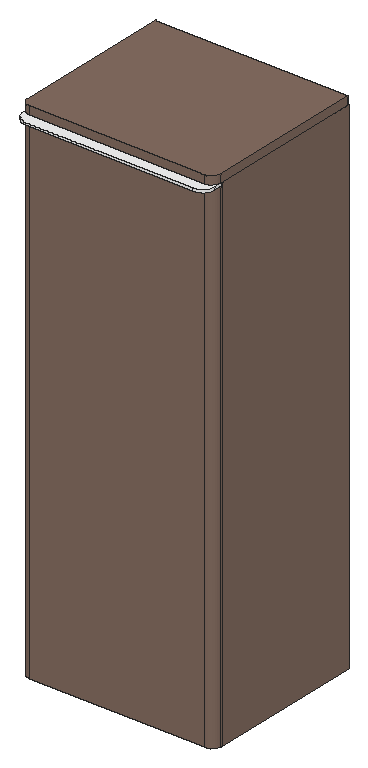
Revit family "mid-height cabinet, door hinge", category Furniture, Revit 2019 (continued)
Definition of nested family "mid-height cabinet 400_350, door hinge left-54130000-dark walnut-chrome-400_content"
  Forms (mm)
    Extrusion 3, solid, visible <- "ContentVisible", detail levels medium+fine
      sketch origin (0, 0, 0) x (1, 0, 0) y (0, 1, 0)
        loop
          line (184, 0) -> (184, -328) -> (197, -328)
          arc (197, -328) -> (199.121, -327.121) -> (200, -325) r 3
          line (200, -325) -> (200, 0) -> (184, 0)
      from 0 to 1050
    Extrusion 4, solid, visible <- "ContentVisible", detail levels medium+fine
      sketch origin (0, 0, 2) x (1, 0, 0) y (0, 1, 0)
        loop
          line (-184, -16) -> (-184, -20) -> (184, -20) -> (184, -16) -> (-184, -16)
      from 0 to 1048
    Extrusion 5, solid, visible <- "ContentVisible", detail levels medium+fine
      sketch origin (0, 0, 2) x (1, 0, 0) y (0, 1, 0)
        loop
          arc (-200, -330) -> (-194.435, -343.435) -> (-181, -349) r 19
          line (-181, -349) -> (181, -349)
          arc (181, -349) -> (194.435, -343.435) -> (200, -330) r 19
          line (200, -330) -> (200, -328) -> (-200, -328) -> (-200, -330)
      from 0 to 1040
    Extrusion 6, solid, visible <- "ContentVisible", detail levels medium+fine
      sketch origin (0, 0, 1042) x (1, 0, 0) y (0, 1, 0)
        loop
          line (-198.5, -328) -> (-198.5, -344)
          arc (-198.5, -344) -> (-191.178, -361.678) -> (-173.5, -369) r 25
          line (-173.5, -369) -> (173.5, -369)
          arc (173.5, -369) -> (191.178, -361.678) -> (198.5, -344) r 25
          line (198.5, -344) -> (198.5, -328) -> (178.5, -328) -> (178.5, -326.5) -> (-178.5, -326.5) -> (-178.5, -328) -> (-198.5, -328)
      from 0 to 5
    Extrusion 7, solid, visible <- "ContentVisible", detail levels medium+fine
      sketch origin (0, 0, 1050) x (1, 0, 0) y (0, 1, 0)
        loop
          line (-200, -1.5) -> (-200, -331)
          arc (-200, -331) -> (-194.728, -343.728) -> (-182, -349) r 18
          line (-182, -349) -> (182, -349)
          arc (182, -349) -> (194.728, -343.728) -> (200, -331) r 18
          line (200, -331) -> (200, -1.5)
          arc (200, -1.5) -> (199.561, -0.439) -> (198.5, 0) r 1.5
          line (198.5, 0) -> (-198.5, 0)
          arc (-198.5, 0) -> (-199.561, -0.439) -> (-200, -1.5) r 1.5
      from 0 to 16
    Extrusion 8, solid, visible <- "ContentVisible", detail levels coarse
      sketch origin (0, -184.5, 0) x (1, 0, 0) y (0, 1, 0)
        loop
          line (-200, -184.5) -> (200, -184.5) -> (200, 184.5) -> (-200, 184.5) -> (-200, -184.5)
      from 0 to 1066
  Dimensions and locks
    aligned and locked: level to plane 2
Definition of nested family "mid-height cabinet 400_350, door hinge left-54130670-dark walnut-matt_black-200_content"
  Parameters (values of type "Mid-height cabinet 400_350, door hinge left-54130670-Dark Walnut-MATT_BLACK-200_Content")
    etim7_EC011381 = "EC011381"
    WEIGHT = "25.3"
    UNSPSC = "56 | Furniture and Furnishings"
    UNIFORMATII = "E2010 | Fixed Furnishings"
    UNICLASS_2015_CODE = "40_30_78_05"
    UNICLASS2015 = "Pr_40_30_78_05 | Bathroom furniture"
    SURFACE = "MATT_BLACK"
    SPECIFICATION = "Surfaces:    - 54130000 Chrome  - 54130670 Matt Black  - 54130700 Matt White      Specification:"
    REGIONSET = "Worldwide"
    PRODUCTURL = "https://pro.hansgrohe.com/articledetail--54130000"
    PRODUCTGROUP = "bathroom vanity"
    PRODUCTFAMILY = "Xelu Q"
    PERMALINK = "54130XXX"
    OMNICLASS = "23-21 19 15 33 13 | Residential Bathroom Specialty Casework"
    OBJECTTYPE = "Object (single object)"
    OBERFLAECHE = "Dark Walnut"
    NN = "Mid-height cabinet, door hinge"
    NBSYN = "$BASENUMBER.-$ARTNR.-$OBERFLAECHE.-$SURFACE.-$LODLEVEL."
    NB = "Mid-height cabinet 400/350, door hinge left-54130670-Dark Walnut-MATT_BLACK-200"
    NAME = "Xelu Q Mid-height cabinet Dark Walnut 400/350, door hinge left"
    Model = "Mid-height cabinet 400/350, door hinge left-54130670-Dark Walnut-MATT_BLACK-200"
    Manufacturer = "Hansgrohe"
    MASTERFORMAT = "12 35 30.23 | Bathroom Casework"
    LODLEVEL = "200"
    LINA = "Mid-height cabinet 400/350, door hinge left-54130670-Dark Walnut-MATT_BLACK-200"
    L = 400
    IFC = "Furnishing element"
    GTINCODE = "4059625458082"
    ETIM = "EC011381 | Bathroom furniture set"
    Default Elevation = 1219.2 mm
    DESIGN = "Germany"
    ContentVisible [instance] = yes
    CATALOG = "Hansgrohe"
    BIMOBJECT = "Sanitary: Compound units"
    BASENUMBER = "Mid-height cabinet 400/350, door hinge left"
    ARTNR = "54130670"
  Reference planes
    plane 1 "Center (Front/Back)": y = 0
    plane 2: z = 0
    plane 3 "Center (Left/Right)": x = 0
  Forms (mm)
    Extrusion 1, solid, visible <- "ContentVisible", detail levels medium+fine
      sketch origin (0, 0, 0) x (1, 0, 0) y (0, 1, 0)
        loop
          line (-200, 0) -> (-200, -349) -> (200, -349) -> (200, 0) -> (-200, 0)
      from 0 to 1066
    Extrusion 2, solid, visible <- "ContentVisible", detail levels medium+fine
      sketch origin (0, 0, 1042) x (1, 0, 0) y (0, 1, 0)
        loop
          line (-198.5, -328) -> (-198.5, -369) -> (198.5, -369) -> (198.5, -328) -> (178.5, -328) -> (178.5, -326.5) -> (-178.5, -326.5) -> (-178.5, -328) -> (-198.5, -328)
      from 0 to 5
    Extrusion 3, solid, visible <- "ContentVisible", detail levels coarse
      sketch origin (0, -184.5, 0) x (1, 0, 0) y (0, 1, 0)
        loop
          line (-200, -184.5) -> (200, -184.5) -> (200, 184.5) -> (-200, 184.5) -> (-200, -184.5)
      from 0 to 1066
  Dimensions and locks
    aligned and locked: level to plane 2
Definition of nested family "mid-height cabinet 400_350, door hinge left-54130670-dark walnut-matt_black-400_content"
  Parameters (values of type "Mid-height cabinet 400_350, door hinge left-54130670-Dark Walnut-MATT_BLACK-400_Content")
    etim7_EC011381 = "EC011381"
    WEIGHT = "25.3"
    UNSPSC = "56 | Furniture and Furnishings"
    UNIFORMATII = "E2010 | Fixed Furnishings"
    UNICLASS_2015_CODE = "40_30_78_05"
    UNICLASS2015 = "Pr_40_30_78_05 | Bathroom furniture"
    SURFACE = "MATT_BLACK"
    SPECIFICATION = "Surfaces:    - 54130000 Chrome  - 54130670 Matt Black  - 54130700 Matt White      Specification:"
    REGIONSET = "Worldwide"
    PRODUCTURL = "https://pro.hansgrohe.com/articledetail--54130000"
    PRODUCTGROUP = "bathroom vanity"
    PRODUCTFAMILY = "Xelu Q"
    PERMALINK = "54130XXX"
    OMNICLASS = "23-21 19 15 33 13 | Residential Bathroom Specialty Casework"
    OBJECTTYPE = "Object (single object)"
    OBERFLAECHE = "Dark Walnut"
    NN = "Mid-height cabinet, door hinge"
    NBSYN = "$BASENUMBER.-$ARTNR.-$OBERFLAECHE.-$SURFACE.-$LODLEVEL."
    NB = "Mid-height cabinet 400/350, door hinge left-54130670-Dark Walnut-MATT_BLACK-400"
    NAME = "Xelu Q Mid-height cabinet Dark Walnut 400/350, door hinge left"
    Model = "Mid-height cabinet 400/350, door hinge left-54130670-Dark Walnut-MATT_BLACK-400"
    Manufacturer = "Hansgrohe"
    MASTERFORMAT = "12 35 30.23 | Bathroom Casework"
    LODLEVEL = "400"
    LINA = "Mid-height cabinet 400/350, door hinge left-54130670-Dark Walnut-MATT_BLACK-400"
    L = 400
    IFC = "Furnishing element"
    GTINCODE = "4059625458082"
    ETIM = "EC011381 | Bathroom furniture set"
    Default Elevation = 1219.2 mm
    DESIGN = "Germany"
    ContentVisible [instance] = yes
    CATALOG = "Hansgrohe"
    BIMOBJECT = "Sanitary: Compound units"
    BASENUMBER = "Mid-height cabinet 400/350, door hinge left"
    ARTNR = "54130670"
  Reference planes
    plane 1 "Center (Front/Back)": y = 0
    plane 2: z = 0
    plane 3 "Center (Left/Right)": x = 0
  Forms (mm)
    Extrusion 1, solid, visible <- "ContentVisible", detail levels medium+fine
      sketch origin (0, 0, 0) x (1, 0, 0) y (0, 1, 0)
        loop
          line (-200, 0) -> (-200, -325)
          arc (-200, -325) -> (-199.121, -327.121) -> (-197, -328) r 3
          line (-197, -328) -> (-184, -328) -> (-184, 0) -> (-200, 0)
      from 0 to 1050
    Extrusion 2, solid, visible <- "ContentVisible", detail levels medium+fine
      sketch origin (0, 0, 0) x (1, 0, 0) y (0, 1, 0)
        loop
          line (-184, -20) -> (-184, -327) -> (184, -327) -> (184, -20) -> (-184, -20)
      from 0 to 1050
    Extrusion 3, solid, visible <- "ContentVisible", detail levels medium+fine
      sketch origin (0, 0, 0) x (1, 0, 0) y (0, 1, 0)
        loop
          line (184, 0) -> (184, -328) -> (197, -328)
          arc (197, -328) -> (199.121, -327.121) -> (200, -325) r 3
          line (200, -325) -> (200, 0) -> (184, 0)
      from 0 to 1050
    Extrusion 4, solid, visible <- "ContentVisible", detail levels medium+fine
      sketch origin (0, 0, 2) x (1, 0, 0) y (0, 1, 0)
        loop
          line (-184, -16) -> (-184, -20) -> (184, -20) -> (184, -16) -> (-184, -16)
      from 0 to 1048
    Extrusion 5, solid, visible <- "ContentVisible", detail levels medium+fine
      sketch origin (0, 0, 2) x (1, 0, 0) y (0, 1, 0)
        loop
          arc (-200, -330) -> (-194.435, -343.435) -> (-181, -349) r 19
          line (-181, -349) -> (181, -349)
          arc (181, -349) -> (194.435, -343.435) -> (200, -330) r 19
          line (200, -330) -> (200, -328) -> (-200, -328) -> (-200, -330)
      from 0 to 1040
    Extrusion 6, solid, visible <- "ContentVisible", detail levels medium+fine
      sketch origin (0, 0, 1042) x (1, 0, 0) y (0, 1, 0)
        loop
          line (-198.5, -328) -> (-198.5, -344)
          arc (-198.5, -344) -> (-191.178, -361.678) -> (-173.5, -369) r 25
          line (-173.5, -369) -> (173.5, -369)
          arc (173.5, -369) -> (191.178, -361.678) -> (198.5, -344) r 25
          line (198.5, -344) -> (198.5, -328) -> (178.5, -328) -> (178.5, -326.5) -> (-178.5, -326.5) -> (-178.5, -328) -> (-198.5, -328)
      from 0 to 5
    Extrusion 7, solid, visible <- "ContentVisible", detail levels medium+fine
      sketch origin (0, 0, 1050) x (1, 0, 0) y (0, 1, 0)
        loop
          line (-200, -1.5) -> (-200, -331)
          arc (-200, -331) -> (-194.728, -343.728) -> (-182, -349) r 18
          line (-182, -349) -> (182, -349)
          arc (182, -349) -> (194.728, -343.728) -> (200, -331) r 18
          line (200, -331) -> (200, -1.5)
          arc (200, -1.5) -> (199.561, -0.439) -> (198.5, 0) r 1.5
          line (198.5, 0) -> (-198.5, 0)
          arc (-198.5, 0) -> (-199.561, -0.439) -> (-200, -1.5) r 1.5
      from 0 to 16
    Extrusion 8, solid, visible <- "ContentVisible", detail levels coarse
      sketch origin (0, -184.5, 0) x (1, 0, 0) y (0, 1, 0)
        loop
          line (-200, -184.5) -> (200, -184.5) -> (200, 184.5) -> (-200, 184.5) -> (-200, -184.5)
      from 0 to 1066
  Dimensions and locks
    aligned and locked: level to plane 2
Definition of nested family "mid-height cabinet 400_350, door hinge left-54130700-dark walnut-matt_white-200_content"
  Parameters (values of type "Mid-height cabinet 400_350, door hinge left-54130700-Dark Walnut-MATT_WHITE-200_Content")
    etim7_EC011381 = "EC011381"
    WEIGHT = "25.3"
    UNSPSC = "56 | Furniture and Furnishings"
    UNIFORMATII = "E2010 | Fixed Furnishings"
    UNICLASS_2015_CODE = "40_30_78_05"
    UNICLASS2015 = "Pr_40_30_78_05 | Bathroom furniture"
    SURFACE = "MATT_WHITE"
    SPECIFICATION = "Surfaces:    - 54130000 Chrome  - 54130670 Matt Black  - 54130700 Matt White      Specification:"
    REGIONSET = "Worldwide"
    PRODUCTURL = "https://pro.hansgrohe.com/articledetail--54130000"
    PRODUCTGROUP = "bathroom vanity"
    PRODUCTFAMILY = "Xelu Q"
    PERMALINK = "54130XXX"
    OMNICLASS = "23-21 19 15 33 13 | Residential Bathroom Specialty Casework"
    OBJECTTYPE = "Object (single object)"
    OBERFLAECHE = "Dark Walnut"
    NN = "Mid-height cabinet, door hinge"
    NBSYN = "$BASENUMBER.-$ARTNR.-$OBERFLAECHE.-$SURFACE.-$LODLEVEL."
    NB = "Mid-height cabinet 400/350, door hinge left-54130700-Dark Walnut-MATT_WHITE-200"
    NAME = "Xelu Q Mid-height cabinet Dark Walnut 400/350, door hinge left"
    Model = "Mid-height cabinet 400/350, door hinge left-54130700-Dark Walnut-MATT_WHITE-200"
    Manufacturer = "Hansgrohe"
    MASTERFORMAT = "12 35 30.23 | Bathroom Casework"
    LODLEVEL = "200"
    LINA = "Mid-height cabinet 400/350, door hinge left-54130700-Dark Walnut-MATT_WHITE-200"
    L = 400
    IFC = "Furnishing element"
    GTINCODE = "4059625458082"
    ETIM = "EC011381 | Bathroom furniture set"
    Default Elevation = 1219.2 mm
    DESIGN = "Germany"
    ContentVisible [instance] = yes
    CATALOG = "Hansgrohe"
    BIMOBJECT = "Sanitary: Compound units"
    BASENUMBER = "Mid-height cabinet 400/350, door hinge left"
    ARTNR = "54130700"
  Reference planes
    plane 1 "Center (Front/Back)": y = 0
    plane 2: z = 0
    plane 3 "Center (Left/Right)": x = 0
  Forms (mm)
    Extrusion 1, solid, visible <- "ContentVisible", detail levels medium+fine
      sketch origin (0, 0, 0) x (1, 0, 0) y (0, 1, 0)
        loop
          line (-200, 0) -> (-200, -349) -> (200, -349) -> (200, 0) -> (-200, 0)
      from 0 to 1066
    Extrusion 2, solid, visible <- "ContentVisible", detail levels medium+fine
      sketch origin (0, 0, 1042) x (1, 0, 0) y (0, 1, 0)
        loop
          line (-198.5, -328) -> (-198.5, -369) -> (198.5, -369) -> (198.5, -328) -> (178.5, -328) -> (178.5, -326.5) -> (-178.5, -326.5) -> (-178.5, -328) -> (-198.5, -328)
      from 0 to 5
    Extrusion 3, solid, visible <- "ContentVisible", detail levels coarse
      sketch origin (0, -184.5, 0) x (1, 0, 0) y (0, 1, 0)
        loop
          line (-200, -184.5) -> (200, -184.5) -> (200, 184.5) -> (-200, 184.5) -> (-200, -184.5)
      from 0 to 1066
  Dimensions and locks
    aligned and locked: level to plane 2
Definition of nested family "mid-height cabinet 400_350, door hinge right-54131000-high gloss white-chrome-200_content"
  Parameters (values of type "Mid-height cabinet 400_350, door hinge right-54131000-High Gloss White-CHROME-200_Content")
    etim7_EC011381 = "EC011381"
    WEIGHT = "25.3"
    UNSPSC = "56 | Furniture and Furnishings"
    UNIFORMATII = "E2010 | Fixed Furnishings"
    UNICLASS_2015_CODE = "40_30_78_05"
    UNICLASS2015 = "Pr_40_30_78_05 | Bathroom furniture"
    SURFACE = "CHROME"
    SPECIFICATION = "Surfaces:    - 54131000 Chrome  - 54131670 Matt Black  - 54131700 Matt White      Specification:"
    REGIONSET = "Worldwide"
    PRODUCTURL = "https://pro.hansgrohe.com/articledetail--54131000"
    PRODUCTGROUP = "bathroom vanity"
    PRODUCTFAMILY = "Xelu Q"
    PERMALINK = "54131XXX"
    OMNICLASS = "23-21 19 15 33 13 | Residential Bathroom Specialty Casework"
    OBJECTTYPE = "Object (single object)"
    OBERFLAECHE = "High Gloss White"
    NN = "Mid-height cabinet, door hinge"
    NBSYN = "$BASENUMBER.-$ARTNR.-$OBERFLAECHE.-$SURFACE.-$LODLEVEL."
    NB = "Mid-height cabinet 400/350, door hinge right-54131000-High Gloss White-CHROME-200"
    NAME = "Xelu Q Mid-height cabinet High Gloss White 400/350, door hinge right"
    Model = "Mid-height cabinet 400/350, door hinge right-54131000-High Gloss White-CHROME-200"
    Manufacturer = "Hansgrohe"
    MASTERFORMAT = "12 35 30.23 | Bathroom Casework"
    LODLEVEL = "200"
    LINA = "Mid-height cabinet 400/350, door hinge right-54131000-High Gloss White-CHROME-200"
    L = 400
    IFC = "Furnishing element"
    GTINCODE = "4059625458051"
    ETIM = "EC011381 | Bathroom furniture set"
    Default Elevation = 1219.2 mm
    DESIGN = "Germany"
    ContentVisible [instance] = yes
    CATALOG = "Hansgrohe"
    BIMOBJECT = "Sanitary: Compound units"
    BASENUMBER = "Mid-height cabinet 400/350, door hinge right"
    ARTNR = "54131000"
  Reference planes
    plane 1 "Center (Front/Back)": y = 0
    plane 2: z = 0
    plane 3 "Center (Left/Right)": x = 0
  Forms (mm)
    Extrusion 1, solid, visible <- "ContentVisible", detail levels medium+fine
      sketch origin (0, 0, 0) x (1, 0, 0) y (0, 1, 0)
        loop
          line (-200, 0) -> (-200, -349) -> (200, -349) -> (200, 0) -> (-200, 0)
      from 0 to 1066
    Extrusion 2, solid, visible <- "ContentVisible", detail levels medium+fine
      sketch origin (0, 0, 1042) x (1, 0, 0) y (0, 1, 0)
        loop
          line (-198.5, -328) -> (-198.5, -369) -> (198.5, -369) -> (198.5, -328) -> (178.5, -328) -> (178.5, -326.5) -> (-178.5, -326.5) -> (-178.5, -328) -> (-198.5, -328)
      from 0 to 5
    Extrusion 3, solid, visible <- "ContentVisible", detail levels coarse
      sketch origin (0, -184.5, 0) x (1, 0, 0) y (0, 1, 0)
        loop
          line (-200, -184.5) -> (200, -184.5) -> (200, 184.5) -> (-200, 184.5) -> (-200, -184.5)
      from 0 to 1066
  Dimensions and locks
    aligned and locked: level to plane 2
Definition of nested family "mid-height cabinet 400_350, door hinge right-54131000-high gloss white-chrome-400_content"
  Parameters (values of type "Mid-height cabinet 400_350, door hinge right-54131000-High Gloss White-CHROME-400_Content")
    etim7_EC011381 = "EC011381"
    WEIGHT = "25.3"
    UNSPSC = "56 | Furniture and Furnishings"
    UNIFORMATII = "E2010 | Fixed Furnishings"
    UNICLASS_2015_CODE = "40_30_78_05"
    UNICLASS2015 = "Pr_40_30_78_05 | Bathroom furniture"
    SURFACE = "CHROME"
    SPECIFICATION = "Surfaces:    - 54131000 Chrome  - 54131670 Matt Black  - 54131700 Matt White      Specification:"
    REGIONSET = "Worldwide"
    PRODUCTURL = "https://pro.hansgrohe.com/articledetail--54131000"
    PRODUCTGROUP = "bathroom vanity"
    PRODUCTFAMILY = "Xelu Q"
    PERMALINK = "54131XXX"
    OMNICLASS = "23-21 19 15 33 13 | Residential Bathroom Specialty Casework"
    OBJECTTYPE = "Object (single object)"
    OBERFLAECHE = "High Gloss White"
    NN = "Mid-height cabinet, door hinge"
    NBSYN = "$BASENUMBER.-$ARTNR.-$OBERFLAECHE.-$SURFACE.-$LODLEVEL."
    NB = "Mid-height cabinet 400/350, door hinge right-54131000-High Gloss White-CHROME-400"
    NAME = "Xelu Q Mid-height cabinet High Gloss White 400/350, door hinge right"
    Model = "Mid-height cabinet 400/350, door hinge right-54131000-High Gloss White-CHROME-400"
    Manufacturer = "Hansgrohe"
    MASTERFORMAT = "12 35 30.23 | Bathroom Casework"
    LODLEVEL = "400"
    LINA = "Mid-height cabinet 400/350, door hinge right-54131000-High Gloss White-CHROME-400"
    L = 400
    IFC = "Furnishing element"
    GTINCODE = "4059625458051"
    ETIM = "EC011381 | Bathroom furniture set"
    Default Elevation = 1219.2 mm
    DESIGN = "Germany"
    ContentVisible [instance] = yes
    CATALOG = "Hansgrohe"
    BIMOBJECT = "Sanitary: Compound units"
    BASENUMBER = "Mid-height cabinet 400/350, door hinge right"
    ARTNR = "54131000"
  Reference planes
    plane 1 "Center (Front/Back)": y = 0
    plane 2: z = 0
    plane 3 "Center (Left/Right)": x = 0
  Forms (mm)
    Extrusion 1, solid, visible <- "ContentVisible", detail levels medium+fine
      sketch origin (0, 0, 0) x (1, 0, 0) y (0, 1, 0)
        loop
          line (-200, 0) -> (-200, -325)
          arc (-200, -325) -> (-199.121, -327.121) -> (-197, -328) r 3
          line (-197, -328) -> (-184, -328) -> (-184, 0) -> (-200, 0)
      from 0 to 1050
    Extrusion 2, solid, visible <- "ContentVisible", detail levels medium+fine
      sketch origin (0, 0, 0) x (1, 0, 0) y (0, 1, 0)
        loop
          line (-184, -20) -> (-184, -327) -> (184, -327) -> (184, -20) -> (-184, -20)
      from 0 to 1050
    Extrusion 3, solid, visible <- "ContentVisible", detail levels medium+fine
      sketch origin (0, 0, 0) x (1, 0, 0) y (0, 1, 0)
        loop
          line (184, 0) -> (184, -328) -> (197, -328)
          arc (197, -328) -> (199.121, -327.121) -> (200, -325) r 3
          line (200, -325) -> (200, 0) -> (184, 0)
      from 0 to 1050
    Extrusion 4, solid, visible <- "ContentVisible", detail levels medium+fine
      sketch origin (0, 0, 2) x (1, 0, 0) y (0, 1, 0)
        loop
          line (-184, -16) -> (-184, -20) -> (184, -20) -> (184, -16) -> (-184, -16)
      from 0 to 1048
    Extrusion 5, solid, visible <- "ContentVisible", detail levels medium+fine
      sketch origin (0, 0, 2) x (1, 0, 0) y (0, 1, 0)
        loop
          arc (-200, -330) -> (-194.435, -343.435) -> (-181, -349) r 19
          line (-181, -349) -> (181, -349)
          arc (181, -349) -> (194.435, -343.435) -> (200, -330) r 19
          line (200, -330) -> (200, -328) -> (-200, -328) -> (-200, -330)
      from 0 to 1040
    Extrusion 6, solid, visible <- "ContentVisible", detail levels medium+fine
      sketch origin (0, 0, 1042) x (1, 0, 0) y (0, 1, 0)
        loop
          line (-198.5, -328) -> (-198.5, -344)
          arc (-198.5, -344) -> (-191.178, -361.678) -> (-173.5, -369) r 25
          line (-173.5, -369) -> (173.5, -369)
          arc (173.5, -369) -> (191.178, -361.678) -> (198.5, -344) r 25
          line (198.5, -344) -> (198.5, -328) -> (178.5, -328) -> (178.5, -326.5) -> (-178.5, -326.5) -> (-178.5, -328) -> (-198.5, -328)
      from 0 to 5
    Extrusion 7, solid, visible <- "ContentVisible", detail levels medium+fine
      sketch origin (0, 0, 1050) x (1, 0, 0) y (0, 1, 0)
        loop
          line (-200, -1.5) -> (-200, -331)
          arc (-200, -331) -> (-194.728, -343.728) -> (-182, -349) r 18
          line (-182, -349) -> (182, -349)
          arc (182, -349) -> (194.728, -343.728) -> (200, -331) r 18
          line (200, -331) -> (200, -1.5)
          arc (200, -1.5) -> (199.561, -0.439) -> (198.5, 0) r 1.5
          line (198.5, 0) -> (-198.5, 0)
          arc (-198.5, 0) -> (-199.561, -0.439) -> (-200, -1.5) r 1.5
      from 0 to 16
    Extrusion 8, solid, visible <- "ContentVisible", detail levels coarse
      sketch origin (0, -184.5, 0) x (1, 0, 0) y (0, 1, 0)
        loop
          line (-200, -184.5) -> (200, -184.5) -> (200, 184.5) -> (-200, 184.5) -> (-200, -184.5)
      from 0 to 1066
  Dimensions and locks
    aligned and locked: level to plane 2
Definition of nested family "mid-height cabinet 400_350, door hinge right-54131670-high gloss white-matt_black-200_content"
  Parameters (values of type "Mid-height cabinet 400_350, door hinge right-54131670-High Gloss White-MATT_BLACK-200_Content")
    etim7_EC011381 = "EC011381"
    WEIGHT = "25.3"
    UNSPSC = "56 | Furniture and Furnishings"
    UNIFORMATII = "E2010 | Fixed Furnishings"
    UNICLASS_2015_CODE = "40_30_78_05"
    UNICLASS2015 = "Pr_40_30_78_05 | Bathroom furniture"
    SURFACE = "MATT_BLACK"
    SPECIFICATION = "Surfaces:    - 54131000 Chrome  - 54131670 Matt Black  - 54131700 Matt White      Specification:"
    REGIONSET = "Worldwide"
    PRODUCTURL = "https://pro.hansgrohe.com/articledetail--54131000"
    PRODUCTGROUP = "bathroom vanity"
    PRODUCTFAMILY = "Xelu Q"
    PERMALINK = "54131XXX"
    OMNICLASS = "23-21 19 15 33 13 | Residential Bathroom Specialty Casework"
    OBJECTTYPE = "Object (single object)"
    OBERFLAECHE = "High Gloss White"
    NN = "Mid-height cabinet, door hinge"
    NBSYN = "$BASENUMBER.-$ARTNR.-$OBERFLAECHE.-$SURFACE.-$LODLEVEL."
    NB = "Mid-height cabinet 400/350, door hinge right-54131670-High Gloss White-MATT_BLACK-200"
    NAME = "Xelu Q Mid-height cabinet High Gloss White 400/350, door hinge right"
    Model = "Mid-height cabinet 400/350, door hinge right-54131670-High Gloss White-MATT_BLACK-200"
    Manufacturer = "Hansgrohe"
    MASTERFORMAT = "12 35 30.23 | Bathroom Casework"
    LODLEVEL = "200"
    LINA = "Mid-height cabinet 400/350, door hinge right-54131670-High Gloss White-MATT_BLACK-200"
    L = 400
    IFC = "Furnishing element"
    GTINCODE = "4059625458051"
    ETIM = "EC011381 | Bathroom furniture set"
    Default Elevation = 1219.2 mm
    DESIGN = "Germany"
    ContentVisible [instance] = yes
    CATALOG = "Hansgrohe"
    BIMOBJECT = "Sanitary: Compound units"
    BASENUMBER = "Mid-height cabinet 400/350, door hinge right"
    ARTNR = "54131670"
  Reference planes
    plane 1 "Center (Front/Back)": y = 0
    plane 2: z = 0
    plane 3 "Center (Left/Right)": x = 0
  Forms (mm)
    Extrusion 1, solid, visible <- "ContentVisible", detail levels medium+fine
      sketch origin (0, 0, 0) x (1, 0, 0) y (0, 1, 0)
        loop
          line (-200, 0) -> (-200, -349) -> (200, -349) -> (200, 0) -> (-200, 0)
      from 0 to 1066
    Extrusion 2, solid, visible <- "ContentVisible", detail levels medium+fine
      sketch origin (0, 0, 1042) x (1, 0, 0) y (0, 1, 0)
        loop
          line (-198.5, -328) -> (-198.5, -369) -> (198.5, -369) -> (198.5, -328) -> (178.5, -328) -> (178.5, -326.5) -> (-178.5, -326.5) -> (-178.5, -328) -> (-198.5, -328)
      from 0 to 5
    Extrusion 3, solid, visible <- "ContentVisible", detail levels coarse
      sketch origin (0, -184.5, 0) x (1, 0, 0) y (0, 1, 0)
        loop
          line (-200, -184.5) -> (200, -184.5) -> (200, 184.5) -> (-200, 184.5) -> (-200, -184.5)
      from 0 to 1066
  Dimensions and locks
    aligned and locked: level to plane 2
Definition of nested family "mid-height cabinet 400_350, door hinge right-54131670-high gloss white-matt_black-400_content"
  Parameters (values of type "Mid-height cabinet 400_350, door hinge right-54131670-High Gloss White-MATT_BLACK-400_Content")
    etim7_EC011381 = "EC011381"
    WEIGHT = "25.3"
    UNSPSC = "56 | Furniture and Furnishings"
    UNIFORMATII = "E2010 | Fixed Furnishings"
    UNICLASS_2015_CODE = "40_30_78_05"
    UNICLASS2015 = "Pr_40_30_78_05 | Bathroom furniture"
    SURFACE = "MATT_BLACK"
    SPECIFICATION = "Surfaces:    - 54131000 Chrome  - 54131670 Matt Black  - 54131700 Matt White      Specification:"
    REGIONSET = "Worldwide"
    PRODUCTURL = "https://pro.hansgrohe.com/articledetail--54131000"
    PRODUCTGROUP = "bathroom vanity"
    PRODUCTFAMILY = "Xelu Q"
    PERMALINK = "54131XXX"
    OMNICLASS = "23-21 19 15 33 13 | Residential Bathroom Specialty Casework"
    OBJECTTYPE = "Object (single object)"
    OBERFLAECHE = "High Gloss White"
    NN = "Mid-height cabinet, door hinge"
    NBSYN = "$BASENUMBER.-$ARTNR.-$OBERFLAECHE.-$SURFACE.-$LODLEVEL."
    NB = "Mid-height cabinet 400/350, door hinge right-54131670-High Gloss White-MATT_BLACK-400"
    NAME = "Xelu Q Mid-height cabinet High Gloss White 400/350, door hinge right"
    Model = "Mid-height cabinet 400/350, door hinge right-54131670-High Gloss White-MATT_BLACK-400"
    Manufacturer = "Hansgrohe"
    MASTERFORMAT = "12 35 30.23 | Bathroom Casework"
    LODLEVEL = "400"
    LINA = "Mid-height cabinet 400/350, door hinge right-54131670-High Gloss White-MATT_BLACK-400"
    L = 400
    IFC = "Furnishing element"
    GTINCODE = "4059625458051"
    ETIM = "EC011381 | Bathroom furniture set"
    Default Elevation = 1219.2 mm
    DESIGN = "Germany"
    ContentVisible [instance] = yes
    CATALOG = "Hansgrohe"
    BIMOBJECT = "Sanitary: Compound units"
    BASENUMBER = "Mid-height cabinet 400/350, door hinge right"
    ARTNR = "54131670"
  Reference planes
    plane 1 "Center (Front/Back)": y = 0
    plane 2: z = 0
    plane 3 "Center (Left/Right)": x = 0
  Forms (mm)
    Extrusion 1, solid, visible <- "ContentVisible", detail levels medium+fine
      sketch origin (0, 0, 0) x (1, 0, 0) y (0, 1, 0)
        loop
          line (-200, 0) -> (-200, -325)
          arc (-200, -325) -> (-199.121, -327.121) -> (-197, -328) r 3
          line (-197, -328) -> (-184, -328) -> (-184, 0) -> (-200, 0)
      from 0 to 1050
    Extrusion 2, solid, visible <- "ContentVisible", detail levels medium+fine
      sketch origin (0, 0, 0) x (1, 0, 0) y (0, 1, 0)
        loop
          line (-184, -20) -> (-184, -327) -> (184, -327) -> (184, -20) -> (-184, -20)
      from 0 to 1050
    Extrusion 3, solid, visible <- "ContentVisible", detail levels medium+fine
      sketch origin (0, 0, 0) x (1, 0, 0) y (0, 1, 0)
        loop
          line (184, 0) -> (184, -328) -> (197, -328)
          arc (197, -328) -> (199.121, -327.121) -> (200, -325) r 3
          line (200, -325) -> (200, 0) -> (184, 0)
      from 0 to 1050
    Extrusion 4, solid, visible <- "ContentVisible", detail levels medium+fine
      sketch origin (0, 0, 2) x (1, 0, 0) y (0, 1, 0)
        loop
          line (-184, -16) -> (-184, -20) -> (184, -20) -> (184, -16) -> (-184, -16)
      from 0 to 1048
    Extrusion 5, solid, visible <- "ContentVisible", detail levels medium+fine
      sketch origin (0, 0, 2) x (1, 0, 0) y (0, 1, 0)
        loop
          arc (-200, -330) -> (-194.435, -343.435) -> (-181, -349) r 19
          line (-181, -349) -> (181, -349)
          arc (181, -349) -> (194.435, -343.435) -> (200, -330) r 19
          line (200, -330) -> (200, -328) -> (-200, -328) -> (-200, -330)
      from 0 to 1040
    Extrusion 6, solid, visible <- "ContentVisible", detail levels medium+fine
      sketch origin (0, 0, 1042) x (1, 0, 0) y (0, 1, 0)
        loop
          line (-198.5, -328) -> (-198.5, -344)
          arc (-198.5, -344) -> (-191.178, -361.678) -> (-173.5, -369) r 25
          line (-173.5, -369) -> (173.5, -369)
          arc (173.5, -369) -> (191.178, -361.678) -> (198.5, -344) r 25
          line (198.5, -344) -> (198.5, -328) -> (178.5, -328) -> (178.5, -326.5) -> (-178.5, -326.5) -> (-178.5, -328) -> (-198.5, -328)
      from 0 to 5
    Extrusion 7, solid, visible <- "ContentVisible", detail levels medium+fine
      sketch origin (0, 0, 1050) x (1, 0, 0) y (0, 1, 0)
        loop
          line (-200, -1.5) -> (-200, -331)
          arc (-200, -331) -> (-194.728, -343.728) -> (-182, -349) r 18
          line (-182, -349) -> (182, -349)
          arc (182, -349) -> (194.728, -343.728) -> (200, -331) r 18
          line (200, -331) -> (200, -1.5)
          arc (200, -1.5) -> (199.561, -0.439) -> (198.5, 0) r 1.5
          line (198.5, 0) -> (-198.5, 0)
          arc (-198.5, 0) -> (-199.561, -0.439) -> (-200, -1.5) r 1.5
      from 0 to 16
    Extrusion 8, solid, visible <- "ContentVisible", detail levels coarse
      sketch origin (0, -184.5, 0) x (1, 0, 0) y (0, 1, 0)
        loop
          line (-200, -184.5) -> (200, -184.5) -> (200, 184.5) -> (-200, 184.5) -> (-200, -184.5)
      from 0 to 1066
  Dimensions and locks
    aligned and locked: level to plane 2
Definition of nested family "mid-height cabinet 400_350, door hinge right-54131700-high gloss white-matt_white-200_content"
  Parameters (values of type "Mid-height cabinet 400_350, door hinge right-54131700-High Gloss White-MATT_WHITE-200_Content")
    etim7_EC011381 = "EC011381"
    WEIGHT = "25.3"
    UNSPSC = "56 | Furniture and Furnishings"
    UNIFORMATII = "E2010 | Fixed Furnishings"
    UNICLASS_2015_CODE = "40_30_78_05"
    UNICLASS2015 = "Pr_40_30_78_05 | Bathroom furniture"
    SURFACE = "MATT_WHITE"
    SPECIFICATION = "Surfaces:    - 54131000 Chrome  - 54131670 Matt Black  - 54131700 Matt White      Specification:"
    REGIONSET = "Worldwide"
    PRODUCTURL = "https://pro.hansgrohe.com/articledetail--54131000"
    PRODUCTGROUP = "bathroom vanity"
    PRODUCTFAMILY = "Xelu Q"
    PERMALINK = "54131XXX"
    OMNICLASS = "23-21 19 15 33 13 | Residential Bathroom Specialty Casework"
    OBJECTTYPE = "Object (single object)"
    OBERFLAECHE = "High Gloss White"
    NN = "Mid-height cabinet, door hinge"
    NBSYN = "$BASENUMBER.-$ARTNR.-$OBERFLAECHE.-$SURFACE.-$LODLEVEL."
    NB = "Mid-height cabinet 400/350, door hinge right-54131700-High Gloss White-MATT_WHITE-200"
    NAME = "Xelu Q Mid-height cabinet High Gloss White 400/350, door hinge right"
    Model = "Mid-height cabinet 400/350, door hinge right-54131700-High Gloss White-MATT_WHITE-200"
    Manufacturer = "Hansgrohe"
    MASTERFORMAT = "12 35 30.23 | Bathroom Casework"
    LODLEVEL = "200"
    LINA = "Mid-height cabinet 400/350, door hinge right-54131700-High Gloss White-MATT_WHITE-200"
    L = 400
    IFC = "Furnishing element"
    GTINCODE = "4059625458051"
    ETIM = "EC011381 | Bathroom furniture set"
    Default Elevation = 1219.2 mm
    DESIGN = "Germany"
    ContentVisible [instance] = yes
    CATALOG = "Hansgrohe"
    BIMOBJECT = "Sanitary: Compound units"
    BASENUMBER = "Mid-height cabinet 400/350, door hinge right"
    ARTNR = "54131700"
  Reference planes
    plane 1 "Center (Front/Back)": y = 0
    plane 2: z = 0
    plane 3 "Center (Left/Right)": x = 0
  Forms (mm)
    Extrusion 1, solid, visible <- "ContentVisible", detail levels medium+fine
      sketch origin (0, 0, 0) x (1, 0, 0) y (0, 1, 0)
        loop
          line (-200, 0) -> (-200, -349) -> (200, -349) -> (200, 0) -> (-200, 0)
      from 0 to 1066
    Extrusion 2, solid, visible <- "ContentVisible", detail levels medium+fine
      sketch origin (0, 0, 1042) x (1, 0, 0) y (0, 1, 0)
        loop
          line (-198.5, -328) -> (-198.5, -369) -> (198.5, -369) -> (198.5, -328) -> (178.5, -328) -> (178.5, -326.5) -> (-178.5, -326.5) -> (-178.5, -328) -> (-198.5, -328)
      from 0 to 5
    Extrusion 3, solid, visible <- "ContentVisible", detail levels coarse
      sketch origin (0, -184.5, 0) x (1, 0, 0) y (0, 1, 0)
        loop
          line (-200, -184.5) -> (200, -184.5) -> (200, 184.5) -> (-200, 184.5) -> (-200, -184.5)
      from 0 to 1066
  Dimensions and locks
    aligned and locked: level to plane 2
Definition of nested family "mid-height cabinet 400_350, door hinge right-54131700-high gloss white-matt_white-400_content"
  Parameters (values of type "Mid-height cabinet 400_350, door hinge right-54131700-High Gloss White-MATT_WHITE-400_Content")
    etim7_EC011381 = "EC011381"
    WEIGHT = "25.3"
    UNSPSC = "56 | Furniture and Furnishings"
    UNIFORMATII = "E2010 | Fixed Furnishings"
    UNICLASS_2015_CODE = "40_30_78_05"
    UNICLASS2015 = "Pr_40_30_78_05 | Bathroom furniture"
    SURFACE = "MATT_WHITE"
    SPECIFICATION = "Surfaces:    - 54131000 Chrome  - 54131670 Matt Black  - 54131700 Matt White      Specification:"
    REGIONSET = "Worldwide"
    PRODUCTURL = "https://pro.hansgrohe.com/articledetail--54131000"
    PRODUCTGROUP = "bathroom vanity"
    PRODUCTFAMILY = "Xelu Q"
    PERMALINK = "54131XXX"
    OMNICLASS = "23-21 19 15 33 13 | Residential Bathroom Specialty Casework"
    OBJECTTYPE = "Object (single object)"
    OBERFLAECHE = "High Gloss White"
    NN = "Mid-height cabinet, door hinge"
    NBSYN = "$BASENUMBER.-$ARTNR.-$OBERFLAECHE.-$SURFACE.-$LODLEVEL."
    NB = "Mid-height cabinet 400/350, door hinge right-54131700-High Gloss White-MATT_WHITE-400"
    NAME = "Xelu Q Mid-height cabinet High Gloss White 400/350, door hinge right"
    Model = "Mid-height cabinet 400/350, door hinge right-54131700-High Gloss White-MATT_WHITE-400"
    Manufacturer = "Hansgrohe"
    MASTERFORMAT = "12 35 30.23 | Bathroom Casework"
    LODLEVEL = "400"
    LINA = "Mid-height cabinet 400/350, door hinge right-54131700-High Gloss White-MATT_WHITE-400"
    L = 400
    IFC = "Furnishing element"
    GTINCODE = "4059625458051"
    ETIM = "EC011381 | Bathroom furniture set"
    Default Elevation = 1219.2 mm
    DESIGN = "Germany"
    ContentVisible [instance] = yes
    CATALOG = "Hansgrohe"
    BIMOBJECT = "Sanitary: Compound units"
    BASENUMBER = "Mid-height cabinet 400/350, door hinge right"
    ARTNR = "54131700"
  Reference planes
    plane 1 "Center (Front/Back)": y = 0
    plane 2: z = 0
    plane 3 "Center (Left/Right)": x = 0
  Forms (mm)
    Extrusion 1, solid, visible <- "ContentVisible", detail levels medium+fine
      sketch origin (0, 0, 0) x (1, 0, 0) y (0, 1, 0)
        loop
          line (-200, 0) -> (-200, -325)
          arc (-200, -325) -> (-199.121, -327.121) -> (-197, -328) r 3
          line (-197, -328) -> (-184, -328) -> (-184, 0) -> (-200, 0)
      from 0 to 1050
    Extrusion 2, solid, visible <- "ContentVisible", detail levels medium+fine
      sketch origin (0, 0, 0) x (1, 0, 0) y (0, 1, 0)
        loop
          line (-184, -20) -> (-184, -327) -> (184, -327) -> (184, -20) -> (-184, -20)
      from 0 to 1050
    Extrusion 3, solid, visible <- "ContentVisible", detail levels medium+fine
      sketch origin (0, 0, 0) x (1, 0, 0) y (0, 1, 0)
        loop
          line (184, 0) -> (184, -328) -> (197, -328)
          arc (197, -328) -> (199.121, -327.121) -> (200, -325) r 3
          line (200, -325) -> (200, 0) -> (184, 0)
      from 0 to 1050
    Extrusion 4, solid, visible <- "ContentVisible", detail levels medium+fine
      sketch origin (0, 0, 2) x (1, 0, 0) y (0, 1, 0)
        loop
          line (-184, -16) -> (-184, -20) -> (184, -20) -> (184, -16) -> (-184, -16)
      from 0 to 1048
    Extrusion 5, solid, visible <- "ContentVisible", detail levels medium+fine
      sketch origin (0, 0, 2) x (1, 0, 0) y (0, 1, 0)
        loop
          arc (-200, -330) -> (-194.435, -343.435) -> (-181, -349) r 19
          line (-181, -349) -> (181, -349)
          arc (181, -349) -> (194.435, -343.435) -> (200, -330) r 19
          line (200, -330) -> (200, -328) -> (-200, -328) -> (-200, -330)
      from 0 to 1040
    Extrusion 6, solid, visible <- "ContentVisible", detail levels medium+fine
      sketch origin (0, 0, 1042) x (1, 0, 0) y (0, 1, 0)
        loop
          line (-198.5, -328) -> (-198.5, -344)
          arc (-198.5, -344) -> (-191.178, -361.678) -> (-173.5, -369) r 25
          line (-173.5, -369) -> (173.5, -369)
          arc (173.5, -369) -> (191.178, -361.678) -> (198.5, -344) r 25
          line (198.5, -344) -> (198.5, -328) -> (178.5, -328) -> (178.5, -326.5) -> (-178.5, -326.5) -> (-178.5, -328) -> (-198.5, -328)
      from 0 to 5
    Extrusion 7, solid, visible <- "ContentVisible", detail levels medium+fine
      sketch origin (0, 0, 1050) x (1, 0, 0) y (0, 1, 0)
        loop
          line (-200, -1.5) -> (-200, -331)
          arc (-200, -331) -> (-194.728, -343.728) -> (-182, -349) r 18
          line (-182, -349) -> (182, -349)
          arc (182, -349) -> (194.728, -343.728) -> (200, -331) r 18
          line (200, -331) -> (200, -1.5)
          arc (200, -1.5) -> (199.561, -0.439) -> (198.5, 0) r 1.5
          line (198.5, 0) -> (-198.5, 0)
          arc (-198.5, 0) -> (-199.561, -0.439) -> (-200, -1.5) r 1.5
      from 0 to 16
    Extrusion 8, solid, visible <- "ContentVisible", detail levels coarse
      sketch origin (0, -184.5, 0) x (1, 0, 0) y (0, 1, 0)
        loop
          line (-200, -184.5) -> (200, -184.5) -> (200, 184.5) -> (-200, 184.5) -> (-200, -184.5)
      from 0 to 1066
  Dimensions and locks
    aligned and locked: level to plane 2
Definition of nested family "mid-height cabinet 400_350, door hinge right-54132000-diamond matt grey-chrome-200_content"
  Parameters (values of type "Mid-height cabinet 400_350, door hinge right-54132000-Diamond Matt Grey-CHROME-200_Content")
    etim7_EC011381 = "EC011381"
    WEIGHT = "25.3"
    UNSPSC = "56 | Furniture and Furnishings"
    UNIFORMATII = "E2010 | Fixed Furnishings"
    UNICLASS_2015_CODE = "40_30_78_05"
    UNICLASS2015 = "Pr_40_30_78_05 | Bathroom furniture"
    SURFACE = "CHROME"
    SPECIFICATION = "Surfaces:    - 54132000 Chrome  - 54132670 Matt Black  - 54132700 Matt White      Specification:"
    REGIONSET = "Worldwide"
    PRODUCTURL = "https://pro.hansgrohe.com/articledetail--54132000"
    PRODUCTGROUP = "bathroom vanity"
    PRODUCTFAMILY = "Xelu Q"
    PERMALINK = "54132XXX"
    OMNICLASS = "23-21 19 15 33 13 | Residential Bathroom Specialty Casework"
    OBJECTTYPE = "Object (single object)"
    OBERFLAECHE = "Diamond Matt Grey"
    NN = "Mid-height cabinet, door hinge"
    NBSYN = "$BASENUMBER.-$ARTNR.-$OBERFLAECHE.-$SURFACE.-$LODLEVEL."
    NB = "Mid-height cabinet 400/350, door hinge right-54132000-Diamond Matt Grey-CHROME-200"
    NAME = "Xelu Q Mid-height cabinet Diamond Matt Grey 400/350, door hinge right"
    Model = "Mid-height cabinet 400/350, door hinge right-54132000-Diamond Matt Grey-CHROME-200"
    Manufacturer = "Hansgrohe"
    MASTERFORMAT = "12 35 30.23 | Bathroom Casework"
    LODLEVEL = "200"
    LINA = "Mid-height cabinet 400/350, door hinge right-54132000-Diamond Matt Grey-CHROME-200"
    L = 400
    IFC = "Furnishing element"
    GTINCODE = "4059625458426"
    ETIM = "EC011381 | Bathroom furniture set"
    Default Elevation = 1219.2 mm
    DESIGN = "Germany"
    ContentVisible [instance] = yes
    CATALOG = "Hansgrohe"
    BIMOBJECT = "Sanitary: Compound units"
    BASENUMBER = "Mid-height cabinet 400/350, door hinge right"
    ARTNR = "54132000"
  Reference planes
    plane 1 "Center (Front/Back)": y = 0
    plane 2: z = 0
    plane 3 "Center (Left/Right)": x = 0
  Forms (mm)
    Extrusion 1, solid, visible <- "ContentVisible", detail levels medium+fine
      sketch origin (0, 0, 0) x (1, 0, 0) y (0, 1, 0)
        loop
          line (-200, 0) -> (-200, -349) -> (200, -349) -> (200, 0) -> (-200, 0)
      from 0 to 1066
    Extrusion 2, solid, visible <- "ContentVisible", detail levels medium+fine
      sketch origin (0, 0, 1042) x (1, 0, 0) y (0, 1, 0)
        loop
          line (-198.5, -328) -> (-198.5, -369) -> (198.5, -369) -> (198.5, -328) -> (178.5, -328) -> (178.5, -326.5) -> (-178.5, -326.5) -> (-178.5, -328) -> (-198.5, -328)
      from 0 to 5
    Extrusion 3, solid, visible <- "ContentVisible", detail levels coarse
      sketch origin (0, -184.5, 0) x (1, 0, 0) y (0, 1, 0)
        loop
          line (-200, -184.5) -> (200, -184.5) -> (200, 184.5) -> (-200, 184.5) -> (-200, -184.5)
      from 0 to 1066
  Dimensions and locks
    aligned and locked: level to plane 2
Definition of nested family "mid-height cabinet 400_350, door hinge right-54132000-diamond matt grey-chrome-400_content"
  Parameters (values of type "Mid-height cabinet 400_350, door hinge right-54132000-Diamond Matt Grey-CHROME-400_Content")
    etim7_EC011381 = "EC011381"
    WEIGHT = "25.3"
    UNSPSC = "56 | Furniture and Furnishings"
    UNIFORMATII = "E2010 | Fixed Furnishings"
    UNICLASS_2015_CODE = "40_30_78_05"
    UNICLASS2015 = "Pr_40_30_78_05 | Bathroom furniture"
    SURFACE = "CHROME"
    SPECIFICATION = "Surfaces:    - 54132000 Chrome  - 54132670 Matt Black  - 54132700 Matt White      Specification:"
    REGIONSET = "Worldwide"
    PRODUCTURL = "https://pro.hansgrohe.com/articledetail--54132000"
    PRODUCTGROUP = "bathroom vanity"
    PRODUCTFAMILY = "Xelu Q"
    PERMALINK = "54132XXX"
    OMNICLASS = "23-21 19 15 33 13 | Residential Bathroom Specialty Casework"
    OBJECTTYPE = "Object (single object)"
    OBERFLAECHE = "Diamond Matt Grey"
    NN = "Mid-height cabinet, door hinge"
    NBSYN = "$BASENUMBER.-$ARTNR.-$OBERFLAECHE.-$SURFACE.-$LODLEVEL."
    NB = "Mid-height cabinet 400/350, door hinge right-54132000-Diamond Matt Grey-CHROME-400"
    NAME = "Xelu Q Mid-height cabinet Diamond Matt Grey 400/350, door hinge right"
    Model = "Mid-height cabinet 400/350, door hinge right-54132000-Diamond Matt Grey-CHROME-400"
    Manufacturer = "Hansgrohe"
    MASTERFORMAT = "12 35 30.23 | Bathroom Casework"
    LODLEVEL = "400"
    LINA = "Mid-height cabinet 400/350, door hinge right-54132000-Diamond Matt Grey-CHROME-400"
    L = 400
    IFC = "Furnishing element"
    GTINCODE = "4059625458426"
    ETIM = "EC011381 | Bathroom furniture set"
    Default Elevation = 1219.2 mm
    DESIGN = "Germany"
    ContentVisible [instance] = yes
    CATALOG = "Hansgrohe"
    BIMOBJECT = "Sanitary: Compound units"
    BASENUMBER = "Mid-height cabinet 400/350, door hinge right"
    ARTNR = "54132000"
  Reference planes
    plane 1 "Center (Front/Back)": y = 0
    plane 2: z = 0
    plane 3 "Center (Left/Right)": x = 0
  Forms (mm)
    Extrusion 1, solid, visible <- "ContentVisible", detail levels medium+fine
      sketch origin (0, 0, 0) x (1, 0, 0) y (0, 1, 0)
        loop
          line (-200, 0) -> (-200, -325)
          arc (-200, -325) -> (-199.121, -327.121) -> (-197, -328) r 3
          line (-197, -328) -> (-184, -328) -> (-184, 0) -> (-200, 0)
      from 0 to 1050
    Extrusion 2, solid, visible <- "ContentVisible", detail levels medium+fine
      sketch origin (0, 0, 0) x (1, 0, 0) y (0, 1, 0)
        loop
          line (-184, -20) -> (-184, -327) -> (184, -327) -> (184, -20) -> (-184, -20)
      from 0 to 1050
    Extrusion 3, solid, visible <- "ContentVisible", detail levels medium+fine
      sketch origin (0, 0, 0) x (1, 0, 0) y (0, 1, 0)
        loop
          line (184, 0) -> (184, -328) -> (197, -328)
          arc (197, -328) -> (199.121, -327.121) -> (200, -325) r 3
          line (200, -325) -> (200, 0) -> (184, 0)
      from 0 to 1050
    Extrusion 4, solid, visible <- "ContentVisible", detail levels medium+fine
      sketch origin (0, 0, 2) x (1, 0, 0) y (0, 1, 0)
        loop
          line (-184, -16) -> (-184, -20) -> (184, -20) -> (184, -16) -> (-184, -16)
      from 0 to 1048
    Extrusion 5, solid, visible <- "ContentVisible", detail levels medium+fine
      sketch origin (0, 0, 2) x (1, 0, 0) y (0, 1, 0)
        loop
          arc (-200, -330) -> (-194.435, -343.435) -> (-181, -349) r 19
          line (-181, -349) -> (181, -349)
          arc (181, -349) -> (194.435, -343.435) -> (200, -330) r 19
          line (200, -330) -> (200, -328) -> (-200, -328) -> (-200, -330)
      from 0 to 1040
    Extrusion 6, solid, visible <- "ContentVisible", detail levels medium+fine
      sketch origin (0, 0, 1042) x (1, 0, 0) y (0, 1, 0)
        loop
          line (-198.5, -328) -> (-198.5, -344)
          arc (-198.5, -344) -> (-191.178, -361.678) -> (-173.5, -369) r 25
          line (-173.5, -369) -> (173.5, -369)
          arc (173.5, -369) -> (191.178, -361.678) -> (198.5, -344) r 25
          line (198.5, -344) -> (198.5, -328) -> (178.5, -328) -> (178.5, -326.5) -> (-178.5, -326.5) -> (-178.5, -328) -> (-198.5, -328)
      from 0 to 5
    Extrusion 7, solid, visible <- "ContentVisible", detail levels medium+fine
      sketch origin (0, 0, 1050) x (1, 0, 0) y (0, 1, 0)
        loop
          line (-200, -1.5) -> (-200, -331)
          arc (-200, -331) -> (-194.728, -343.728) -> (-182, -349) r 18
          line (-182, -349) -> (182, -349)
          arc (182, -349) -> (194.728, -343.728) -> (200, -331) r 18
          line (200, -331) -> (200, -1.5)
          arc (200, -1.5) -> (199.561, -0.439) -> (198.5, 0) r 1.5
          line (198.5, 0) -> (-198.5, 0)
          arc (-198.5, 0) -> (-199.561, -0.439) -> (-200, -1.5) r 1.5
      from 0 to 16
    Extrusion 8, solid, visible <- "ContentVisible", detail levels coarse
      sketch origin (0, -184.5, 0) x (1, 0, 0) y (0, 1, 0)
        loop
          line (-200, -184.5) -> (200, -184.5) -> (200, 184.5) -> (-200, 184.5) -> (-200, -184.5)
      from 0 to 1066
  Dimensions and locks
    aligned and locked: level to plane 2
Definition of nested family "mid-height cabinet 400_350, door hinge right-54132670-diamond matt grey-matt_black-200_content"
  Parameters (values of type "Mid-height cabinet 400_350, door hinge right-54132670-Diamond Matt Grey-MATT_BLACK-200_Content")
    etim7_EC011381 = "EC011381"
    WEIGHT = "25.3"
    UNSPSC = "56 | Furniture and Furnishings"
    UNIFORMATII = "E2010 | Fixed Furnishings"
    UNICLASS_2015_CODE = "40_30_78_05"
    UNICLASS2015 = "Pr_40_30_78_05 | Bathroom furniture"
    SURFACE = "MATT_BLACK"
    SPECIFICATION = "Surfaces:    - 54132000 Chrome  - 54132670 Matt Black  - 54132700 Matt White      Specification:"
    REGIONSET = "Worldwide"
    PRODUCTURL = "https://pro.hansgrohe.com/articledetail--54132000"
    PRODUCTGROUP = "bathroom vanity"
    PRODUCTFAMILY = "Xelu Q"
    PERMALINK = "54132XXX"
    OMNICLASS = "23-21 19 15 33 13 | Residential Bathroom Specialty Casework"
    OBJECTTYPE = "Object (single object)"
    OBERFLAECHE = "Diamond Matt Grey"
    NN = "Mid-height cabinet, door hinge"
    NBSYN = "$BASENUMBER.-$ARTNR.-$OBERFLAECHE.-$SURFACE.-$LODLEVEL."
    NB = "Mid-height cabinet 400/350, door hinge right-54132670-Diamond Matt Grey-MATT_BLACK-200"
    NAME = "Xelu Q Mid-height cabinet Diamond Matt Grey 400/350, door hinge right"
    Model = "Mid-height cabinet 400/350, door hinge right-54132670-Diamond Matt Grey-MATT_BLACK-200"
    Manufacturer = "Hansgrohe"
    MASTERFORMAT = "12 35 30.23 | Bathroom Casework"
    LODLEVEL = "200"
    LINA = "Mid-height cabinet 400/350, door hinge right-54132670-Diamond Matt Grey-MATT_BLACK-200"
    L = 400
    IFC = "Furnishing element"
    GTINCODE = "4059625458426"
    ETIM = "EC011381 | Bathroom furniture set"
    Default Elevation = 1219.2 mm
    DESIGN = "Germany"
    ContentVisible [instance] = yes
    CATALOG = "Hansgrohe"
    BIMOBJECT = "Sanitary: Compound units"
    BASENUMBER = "Mid-height cabinet 400/350, door hinge right"
    ARTNR = "54132670"
  Reference planes
    plane 1 "Center (Front/Back)": y = 0
    plane 2: z = 0
    plane 3 "Center (Left/Right)": x = 0
  Forms (mm)
    Extrusion 1, solid, visible <- "ContentVisible", detail levels medium+fine
      sketch origin (0, 0, 0) x (1, 0, 0) y (0, 1, 0)
        loop
          line (-200, 0) -> (-200, -349) -> (200, -349) -> (200, 0) -> (-200, 0)
      from 0 to 1066
    Extrusion 2, solid, visible <- "ContentVisible", detail levels medium+fine
      sketch origin (0, 0, 1042) x (1, 0, 0) y (0, 1, 0)
        loop
          line (-198.5, -328) -> (-198.5, -369) -> (198.5, -369) -> (198.5, -328) -> (178.5, -328) -> (178.5, -326.5) -> (-178.5, -326.5) -> (-178.5, -328) -> (-198.5, -328)
      from 0 to 5
    Extrusion 3, solid, visible <- "ContentVisible", detail levels coarse
      sketch origin (0, -184.5, 0) x (1, 0, 0) y (0, 1, 0)
        loop
          line (-200, -184.5) -> (200, -184.5) -> (200, 184.5) -> (-200, 184.5) -> (-200, -184.5)
      from 0 to 1066
  Dimensions and locks
    aligned and locked: level to plane 2
Definition of nested family "mid-height cabinet 400_350, door hinge right-54132670-diamond matt grey-matt_black-400_content"
  Parameters (values of type "Mid-height cabinet 400_350, door hinge right-54132670-Diamond Matt Grey-MATT_BLACK-400_Content")
    etim7_EC011381 = "EC011381"
    WEIGHT = "25.3"
    UNSPSC = "56 | Furniture and Furnishings"
    UNIFORMATII = "E2010 | Fixed Furnishings"
    UNICLASS_2015_CODE = "40_30_78_05"
    UNICLASS2015 = "Pr_40_30_78_05 | Bathroom furniture"
    SURFACE = "MATT_BLACK"
    SPECIFICATION = "Surfaces:    - 54132000 Chrome  - 54132670 Matt Black  - 54132700 Matt White      Specification:"
    REGIONSET = "Worldwide"
    PRODUCTURL = "https://pro.hansgrohe.com/articledetail--54132000"
    PRODUCTGROUP = "bathroom vanity"
    PRODUCTFAMILY = "Xelu Q"
    PERMALINK = "54132XXX"
    OMNICLASS = "23-21 19 15 33 13 | Residential Bathroom Specialty Casework"
    OBJECTTYPE = "Object (single object)"
    OBERFLAECHE = "Diamond Matt Grey"
    NN = "Mid-height cabinet, door hinge"
    NBSYN = "$BASENUMBER.-$ARTNR.-$OBERFLAECHE.-$SURFACE.-$LODLEVEL."
    NB = "Mid-height cabinet 400/350, door hinge right-54132670-Diamond Matt Grey-MATT_BLACK-400"
    NAME = "Xelu Q Mid-height cabinet Diamond Matt Grey 400/350, door hinge right"
    Model = "Mid-height cabinet 400/350, door hinge right-54132670-Diamond Matt Grey-MATT_BLACK-400"
    Manufacturer = "Hansgrohe"
    MASTERFORMAT = "12 35 30.23 | Bathroom Casework"
    LODLEVEL = "400"
    LINA = "Mid-height cabinet 400/350, door hinge right-54132670-Diamond Matt Grey-MATT_BLACK-400"
    L = 400
    IFC = "Furnishing element"
    GTINCODE = "4059625458426"
    ETIM = "EC011381 | Bathroom furniture set"
    Default Elevation = 1219.2 mm
    DESIGN = "Germany"
    ContentVisible [instance] = yes
    CATALOG = "Hansgrohe"
    BIMOBJECT = "Sanitary: Compound units"
    BASENUMBER = "Mid-height cabinet 400/350, door hinge right"
    ARTNR = "54132670"
  Reference planes
    plane 1 "Center (Front/Back)": y = 0
    plane 2: z = 0
    plane 3 "Center (Left/Right)": x = 0
  Forms (mm)
    Extrusion 1, solid, visible <- "ContentVisible", detail levels medium+fine
      sketch origin (0, 0, 0) x (1, 0, 0) y (0, 1, 0)
        loop
          line (-200, 0) -> (-200, -325)
          arc (-200, -325) -> (-199.121, -327.121) -> (-197, -328) r 3
          line (-197, -328) -> (-184, -328) -> (-184, 0) -> (-200, 0)
      from 0 to 1050
    Extrusion 2, solid, visible <- "ContentVisible", detail levels medium+fine
      sketch origin (0, 0, 0) x (1, 0, 0) y (0, 1, 0)
        loop
          line (-184, -20) -> (-184, -327) -> (184, -327) -> (184, -20) -> (-184, -20)
      from 0 to 1050
    Extrusion 3, solid, visible <- "ContentVisible", detail levels medium+fine
      sketch origin (0, 0, 0) x (1, 0, 0) y (0, 1, 0)
        loop
          line (184, 0) -> (184, -328) -> (197, -328)
          arc (197, -328) -> (199.121, -327.121) -> (200, -325) r 3
          line (200, -325) -> (200, 0) -> (184, 0)
      from 0 to 1050
    Extrusion 4, solid, visible <- "ContentVisible", detail levels medium+fine
      sketch origin (0, 0, 2) x (1, 0, 0) y (0, 1, 0)
        loop
          line (-184, -16) -> (-184, -20) -> (184, -20) -> (184, -16) -> (-184, -16)
      from 0 to 1048
    Extrusion 5, solid, visible <- "ContentVisible", detail levels medium+fine
      sketch origin (0, 0, 2) x (1, 0, 0) y (0, 1, 0)
        loop
          arc (-200, -330) -> (-194.435, -343.435) -> (-181, -349) r 19
          line (-181, -349) -> (181, -349)
          arc (181, -349) -> (194.435, -343.435) -> (200, -330) r 19
          line (200, -330) -> (200, -328) -> (-200, -328) -> (-200, -330)
      from 0 to 1040
    Extrusion 6, solid, visible <- "ContentVisible", detail levels medium+fine
      sketch origin (0, 0, 1042) x (1, 0, 0) y (0, 1, 0)
        loop
          line (-198.5, -328) -> (-198.5, -344)
          arc (-198.5, -344) -> (-191.178, -361.678) -> (-173.5, -369) r 25
          line (-173.5, -369) -> (173.5, -369)
          arc (173.5, -369) -> (191.178, -361.678) -> (198.5, -344) r 25
          line (198.5, -344) -> (198.5, -328) -> (178.5, -328) -> (178.5, -326.5) -> (-178.5, -326.5) -> (-178.5, -328) -> (-198.5, -328)
      from 0 to 5
    Extrusion 7, solid, visible <- "ContentVisible", detail levels medium+fine
      sketch origin (0, 0, 1050) x (1, 0, 0) y (0, 1, 0)
        loop
          line (-200, -1.5) -> (-200, -331)
          arc (-200, -331) -> (-194.728, -343.728) -> (-182, -349) r 18
          line (-182, -349) -> (182, -349)
          arc (182, -349) -> (194.728, -343.728) -> (200, -331) r 18
          line (200, -331) -> (200, -1.5)
          arc (200, -1.5) -> (199.561, -0.439) -> (198.5, 0) r 1.5
          line (198.5, 0) -> (-198.5, 0)
          arc (-198.5, 0) -> (-199.561, -0.439) -> (-200, -1.5) r 1.5
      from 0 to 16
    Extrusion 8, solid, visible <- "ContentVisible", detail levels coarse
      sketch origin (0, -184.5, 0) x (1, 0, 0) y (0, 1, 0)
        loop
          line (-200, -184.5) -> (200, -184.5) -> (200, 184.5) -> (-200, 184.5) -> (-200, -184.5)
      from 0 to 1066
  Dimensions and locks
    aligned and locked: level to plane 2
Definition of nested family "mid-height cabinet 400_350, door hinge right-54132700-diamond matt grey-matt_white-200_content"
  Parameters (values of type "Mid-height cabinet 400_350, door hinge right-54132700-Diamond Matt Grey-MATT_WHITE-200_Content")
    etim7_EC011381 = "EC011381"
    WEIGHT = "25.3"
    UNSPSC = "56 | Furniture and Furnishings"
    UNIFORMATII = "E2010 | Fixed Furnishings"
    UNICLASS_2015_CODE = "40_30_78_05"
    UNICLASS2015 = "Pr_40_30_78_05 | Bathroom furniture"
    SURFACE = "MATT_WHITE"
    SPECIFICATION = "Surfaces:    - 54132000 Chrome  - 54132670 Matt Black  - 54132700 Matt White      Specification:"
    REGIONSET = "Worldwide"
    PRODUCTURL = "https://pro.hansgrohe.com/articledetail--54132000"
    PRODUCTGROUP = "bathroom vanity"
    PRODUCTFAMILY = "Xelu Q"
    PERMALINK = "54132XXX"
    OMNICLASS = "23-21 19 15 33 13 | Residential Bathroom Specialty Casework"
    OBJECTTYPE = "Object (single object)"
    OBERFLAECHE = "Diamond Matt Grey"
    NN = "Mid-height cabinet, door hinge"
    NBSYN = "$BASENUMBER.-$ARTNR.-$OBERFLAECHE.-$SURFACE.-$LODLEVEL."
    NB = "Mid-height cabinet 400/350, door hinge right-54132700-Diamond Matt Grey-MATT_WHITE-200"
    NAME = "Xelu Q Mid-height cabinet Diamond Matt Grey 400/350, door hinge right"
    Model = "Mid-height cabinet 400/350, door hinge right-54132700-Diamond Matt Grey-MATT_WHITE-200"
    Manufacturer = "Hansgrohe"
    MASTERFORMAT = "12 35 30.23 | Bathroom Casework"
    LODLEVEL = "200"
    LINA = "Mid-height cabinet 400/350, door hinge right-54132700-Diamond Matt Grey-MATT_WHITE-200"
    L = 400
    IFC = "Furnishing element"
    GTINCODE = "4059625458426"
    ETIM = "EC011381 | Bathroom furniture set"
    Default Elevation = 1219.2 mm
    DESIGN = "Germany"
    ContentVisible [instance] = yes
    CATALOG = "Hansgrohe"
    BIMOBJECT = "Sanitary: Compound units"
    BASENUMBER = "Mid-height cabinet 400/350, door hinge right"
    ARTNR = "54132700"
  Reference planes
    plane 1 "Center (Front/Back)": y = 0
    plane 2: z = 0
    plane 3 "Center (Left/Right)": x = 0
  Forms (mm)
    Extrusion 1, solid, visible <- "ContentVisible", detail levels medium+fine
      sketch origin (0, 0, 0) x (1, 0, 0) y (0, 1, 0)
        loop
          line (-200, 0) -> (-200, -349) -> (200, -349) -> (200, 0) -> (-200, 0)
      from 0 to 1066
    Extrusion 2, solid, visible <- "ContentVisible", detail levels medium+fine
      sketch origin (0, 0, 1042) x (1, 0, 0) y (0, 1, 0)
        loop
          line (-198.5, -328) -> (-198.5, -369) -> (198.5, -369) -> (198.5, -328) -> (178.5, -328) -> (178.5, -326.5) -> (-178.5, -326.5) -> (-178.5, -328) -> (-198.5, -328)
      from 0 to 5
    Extrusion 3, solid, visible <- "ContentVisible", detail levels coarse
      sketch origin (0, -184.5, 0) x (1, 0, 0) y (0, 1, 0)
        loop
          line (-200, -184.5) -> (200, -184.5) -> (200, 184.5) -> (-200, 184.5) -> (-200, -184.5)
      from 0 to 1066
  Dimensions and locks
    aligned and locked: level to plane 2
Definition of nested family "mid-height cabinet 400_350, door hinge right-54132700-diamond matt grey-matt_white-400_content"
  Parameters (values of type "Mid-height cabinet 400_350, door hinge right-54132700-Diamond Matt Grey-MATT_WHITE-400_Content")
    etim7_EC011381 = "EC011381"
    WEIGHT = "25.3"
    UNSPSC = "56 | Furniture and Furnishings"
    UNIFORMATII = "E2010 | Fixed Furnishings"
    UNICLASS_2015_CODE = "40_30_78_05"
    UNICLASS2015 = "Pr_40_30_78_05 | Bathroom furniture"
    SURFACE = "MATT_WHITE"
    SPECIFICATION = "Surfaces:    - 54132000 Chrome  - 54132670 Matt Black  - 54132700 Matt White      Specification:"
    REGIONSET = "Worldwide"
    PRODUCTURL = "https://pro.hansgrohe.com/articledetail--54132000"
    PRODUCTGROUP = "bathroom vanity"
    PRODUCTFAMILY = "Xelu Q"
    PERMALINK = "54132XXX"
